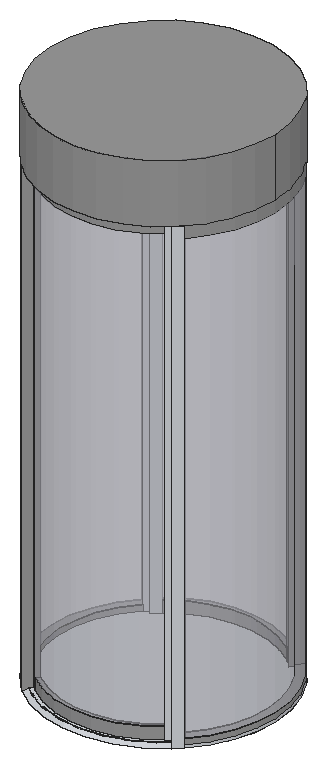
Revit family "C1-R", category Doors, host Wall, Revit 2017
Family settings
  Host = Wall
  OmniClass Number = 23.30.10.00
  OmniClass Title = Doors
  Always vertical = Yes
  Cut with Voids When Loaded = No
  Shared = No
  Room Calculation Point = No
Parameters (values of type "HUC STD")
  Radius4 = Radius - 22.5 mm  # 471.5 mm
  Radius3 = Radius * 0.8855  # 437.437 mm
  Radius2 = Radius * 0.922  # 455.468 mm
  Radius = Width / 2  # 494 mm
  Weekly = "refer to O&M manual"
  WarrantyStartDate [instance] = ""
  WarrantyGuarantorParts = ""
  WarrantyGuarantorLabour = ""
  WarrantyDurationUnit = "N/A"
  WarrantyDurationParts = "N/A"
  WarrantyDurationLabour = "N/A"
  WarrantyDescription = "N/A"
  Warranty ID = ""
  Voltage = "110 - 230 V"
  UsageCurrent = 0
  Unique Reference = ""
  Translucency = 0 mm
  ThermalTransmittanceWinter = 0 mm
  ThermalTransmittanceSummer = 0 mm
  ThermalTransmittance = 0
  Technical Description = ""
  TagNumber [instance] = ""
  SustainabilityPerformance = ""
  Supply Phase = 1
  StartCurrentFactor = 0
  Thickness = Width  # 988 mm
  SolarHeatGainTransmittance = 0 mm
  SmokeStop = no
  Size(HxWxD) = "2312x988x988"
  Shipping Weight = "490 kg (standard version: whole portal assembled, one crate)"
  Shape = "circular"
  ServiceLifeType = ""
  ServiceLifeDuration [instance] = ""
  SerialNumber [instance] = ""
  SelfClosing = yes
  SecurityRating = ""
  Responsible Sourcing of Materials = ""
  Responsible Extraction of Materials = ""
  ReplacementCost = ""
  Reflectivity = 0 mm
  Reference = ""
  Quarterly = ""
  Product Range = "High Security Portals"
  Product Name = ""
  Product Model Number = "C1"
  Product Literature = ""
  Product URL = "https://www.alluserindustrie.com/cylindrical/C2/"
  PhaseReference = ""
  PhaseAngle = 0.00°
  Overall Width = Width  # 988 mm
  Overall Length = Width  # 988 mm
  Overall Height = Height  # 2320 mm
  Operation and Maintenance Manual = ""
  NumberOfPoles = 0
  Number of Poles = 0
  NominalVoltage = 0
  NominalLength = 0 mm
  NominalFrequencyRange = 0
  NominalCurrent = 0
  NominalWidth = ""
  NominalHeight = ""
  Name = ""
  MotorEnclosureType = ""
  Monthly = "refer to O&M manual"
  ModelReference = ""
  ModelNumber = ""
  MaximumPowerOutput = 0
  Material = ""
  Manufacturer Country = "Italy"
  Manufacturer Website = "www.alluserindustrie.com"
  Manufacturer = "Alluser Industrie srl"
  LockedRotorCurrent = 0
  Location of Manufacturer = "Italy"
  Life Cycle Analysis = 0
  IsWired = yes
  IsTempered = no
  IsLaminated = yes
  IsGuarded  = yes
  IsExternal = yes
  IsCoated = yes
  InsulationStandardClass = ""
  Instruction Video = "https://www.youtube.com/watch?v=nNg_blPAJUQ"
  InstallationDate [instance] = ""
  Infiltration = 0
  IP_Code = ""
  HasProtectiveEarth = yes
  HasPartWinding = yes
  HasDrive = yes
  HandicapAccessible = yes
  Gross Weight = "360 kg (with glass P2A UNI EN 356)"
  Green Guide for Specification = ""
  Grade = ""
  GlazingAreaFraction = 0
  GlassThickness3 = 0 mm
  GlassThickness2 = 0 mm
  GlassThickness1 = 11 mm
  GlassLayers = 1
  GlassColour = ""
  Function = Interior
  Frequency = "50-60Hz"
  FrameSize = ""
  FireRating = ""
  FireExit = no
  Finish = ""
  FillGas = ""
  Features = ""
  Feature = "Anti Tailgating High Security portal - Cylindrical Shape"
  ExpectedLife = "Subjected to regular maintenance"
  Expected Life = "Subjected to regular maintenance"
  Environmental Product Declaration = ""
  Energy Technology List = ""
  Enclosure Rating = ""
  Embodied Carbon = ""
  ElectricalDeviceNominalPower = 35
  ElectricMotorEfficiency = 0
  EAN Code = ""
  Duration Unit = ""
  Design Country = "Italy"
  Description = "Anti Tailgating High Security portal - Cylindrical Shape"
  Daily = "refer to O&M manual"
  Analytic Construction = "<Nessuno>"
  Constituents = ""
  Colour = "PPC RAL 30% Gloss"
  CodePerformance = ""
  Category = ""
  CE Approval = yes
  BeamRadiationTransmittance = 0 mm
  Battery Type = "Sealed Lead  Acid Battery 7Ah; 12 V"
  Battery Supply = yes
  BarCode [instance] = ""
  AssetType = "Alluser Antitailgating High Security Portals"
  AssetIdentifier [instance] = "C1R"
  Annually = "refer to O&M manual"
  Rough Height = 2320 mm
  Height = 2320 mm
  Wall Closure = By host
  Width = 988 mm
  AcousticRating = ""
  AccessibilityPerformance = ""
  Access Clearance Bottom = "It is not required"
  Access Clearance Top = "Space above top (internal side) raccomanded 750 mm (min. 350 mm)"
  Access Clearance Right = "It is not required"
  Access Clearance Rear = "It is not required"
  Access Clearance Left = "It is not required"
  Access Clearance Front = "It is not required"
  6 Monthly = "refer to O&M manual"
Types (3, lengths in mm): name | Radius4 | Radius3 | Radius2 | Radius | Voltage | Thickness | SmokeStop | Size(HxWxD) | Shipping Weight | Overall Width | Overall Length | Overall Height | IsTempered | Gross Weight | GlassThickness2 | GlassThickness1 | Expected Life | Enclosure Rating | Rough Height | Height | Width
  HUC STD | 471.5 | 437.437 | 455.468 | 494 | "110 - 230 V" | 988 | no | "2312x988x988" | "490 kg (standard version: whole portal assembled, one crate)" | 988 | 988 | 2320 | no | "360 kg (with glass P2A UNI EN 356)" | 0 | 11 | "Subjected to regular maintenance" | "" | 2320 | 2320 | 988
  HUC 2134 | 553 | 509.605 | 530.611 | 575.5 | "110 - 220 v" | 1151 | yes | "2406x988x988" | "515 kg (standard version: whole portal assembled, one crate)" | 1151 | 1151 | 2406 | yes | "375 kg (with glass P2A UNI EN 356)" | 5 | 5 | "subjected to regular maintenance" | "N/A" | 2406 | 2406 | 1151
  HUC 2300 | 471.5 | 437.437 | 455.468 | 494 | "110 - 220 v" | 988 | yes | "2560x988x988" | "535 kg (standard version: whole portal assembled, one crate)" | 988 | 988 | 2560 | yes | "395 kg (with glass P2A UNI EN 356)" | 0 | 11 | "Subjected to regular maintenance" | "N/A" | 2560 | 2560 | 988
Reference planes
  plane 1: y = 0
  plane 2 "Centro (Sinistra/Destra)": x = 0
  plane 3 "Sinistra": x = -494
  plane 4 "Destra": x = 494
  plane 5: z = 2320
  plane 6 "Esterni": y = 75
  plane 7 "Interno": y = -75
  plane 8: z = 0
  plane 9: z = 2060
  plane 10: z = 62
  plane 11: z = 2010
  plane 12: y = 57.205
  plane 13: y = -57.205
  plane 14: y = 494
  plane 15: y = -494
  plane 16: y = 503
  plane 17: y = -503
  plane 18: through (322.537, 372.669, 1200) normal (0.7561, -0.6544, 0)
  plane 19: through (-332.534, 369.358, 1200) normal (0.7432, 0.6691, 0)
  plane 20: through (-290.872, 293.191, 1200) normal (-0.7432, -0.6691, 0)
  plane 21: through (184.956, 282.468, 1200) normal (-0.7561, 0.6544, 0)
  plane 22: z = 35
  plane 23: z = 12
  plane 24: y = 472
  plane 25: through (356.563, 343.22, 1200) normal (0.7561, -0.6544, 0)
  plane 26: through (-311.074, 375.414, 1200) normal (0.7432, 0.6691, 0)
  plane 27: through (360.784, -333.48, 1200) normal (-0.7432, -0.6691, 0)
  plane 28: through (337.659, 359.58, 1200) normal (0.7561, -0.6544, 0)
  plane 29: through (307.414, 385.757, 1200) normal (0.7561, -0.6544, 0)
  plane 30: through (362.121, -334.966, 1200) normal (-0.7432, -0.6691, 0)
  plane 31: through (-365.977, 339.249, 1200) normal (0.7432, 0.6691, 0)
Forms (mm)
  Extrusion 1, solid, material "Zinco"
    sketch origin (0, 0, 0) x (1, 0, 0) y (0, 1, 0)
      loop
        circle (0, 0) r 494
    from 2060 to 2320
  Extrusion 2, solid, material "Zinco"
    sketch origin (0, 0, 0) x (1, 0, 0) y (0, 1, 0)
      loop
        arc (282.656, 357.151) -> (-4.457, 455.446) -> (-289.591, 351.551) r 455.468
        line (-289.591, 351.551) -> (-277.514, 338.137)
        arc (-277.514, 338.137) -> (-4.28, 437.416) -> (270.844, 343.503) r 437.437
        line (270.844, 343.503) -> (282.656, 357.151)
    from 12 to 62
  Extrusion 3, solid, material "Vetro"
    sketch origin (0, 0, 0) x (1, 0, 0) y (0, 1, 0)
      loop
        arc (282.656, 357.151) -> (-4.457, 455.446) -> (-289.591, 351.551) r 455.468
        line (-289.591, 351.551) -> (-277.514, 338.137)
        arc (-277.514, 338.137) -> (-4.28, 437.416) -> (270.844, 343.503) r 437.437
        line (270.844, 343.503) -> (282.656, 357.151)
    from 62 to 2010
  Extrusion 4, solid
    sketch origin (0, 0, 0) x (1, 0, 0) y (0, 1, 0)
      loop
        arc (282.656, 357.151) -> (-4.457, 455.446) -> (-289.591, 351.551) r 455.468
        line (-289.591, 351.551) -> (-277.514, 338.137)
        arc (-277.514, 338.137) -> (-4.28, 437.416) -> (270.844, 343.503) r 437.437
        line (270.844, 343.503) -> (282.656, 357.151)
    from 2010 to 2060
  Extrusion 5, solid, material "Zinco"
    sketch origin (0, 0, 0) x (1, 0, 0) y (0, 1, 0)
      loop
        arc (312.901, 330.974) -> (298.066, 344.395) -> (282.656, 357.151) r 455.468
        line (282.656, 357.151) -> (270.844, 343.503)
        arc (270.844, 343.503) -> (286.266, 330.761) -> (301.09, 317.327) r 437.437
        line (301.09, 317.327) -> (312.901, 330.974)
    from 12 to 2060
  Extrusion 6, solid, material "Zinco"
    sketch origin (23.368, 27, 0) x (1, 0, 0) y (0, 1, 0)
      loop
        arc (-336.269, -357.975) -> (-321.434, -371.395) -> (-306.024, -384.151) r 455.468
        line (-306.024, -384.151) -> (-294.212, -370.504)
        arc (-294.212, -370.504) -> (-309.634, -357.761) -> (-324.458, -344.327) r 437.437
        line (-324.458, -344.327) -> (-336.269, -357.975)
    from 12 to 2060
  Extrusion 7, solid, material "Zinco"
    sketch origin (0, 0, 0) x (1, 0, 0) y (0, 1, 0)
      loop
        line (-270.844, -343.503) -> (-282.656, -357.151)
        arc (-282.656, -357.151) -> (4.457, -455.446) -> (289.591, -351.551) r 455.468
        line (289.591, -351.551) -> (277.514, -338.137)
        arc (277.514, -338.137) -> (4.28, -437.416) -> (-270.844, -343.503) r 437.437
    from 12 to 62
  Extrusion 8, solid, material "Vetro"
    sketch origin (0, 0, 0) x (1, 0, 0) y (0, 1, 0)
      loop
        arc (277.514, -338.137) -> (4.28, -437.416) -> (-270.844, -343.503) r 437.437
        line (-270.844, -343.503) -> (-282.656, -357.151)
        arc (-282.656, -357.151) -> (4.457, -455.446) -> (289.591, -351.551) r 455.468
        line (289.591, -351.551) -> (277.514, -338.137)
    from 62 to 2010
  Extrusion 9, solid, material "Zinco"
    sketch origin (0, 0, 0) x (1, 0, 0) y (0, 1, 0)
      loop
        arc (276.658, -338.838) -> (3.727, -437.421) -> (-270.844, -343.503) r 437.437
        line (-270.844, -343.503) -> (-282.656, -357.151)
        arc (-282.656, -357.151) -> (4.457, -455.446) -> (289.591, -351.551) r 455.468
        line (289.591, -351.551) -> (276.658, -338.838)
    from 2010 to 2060
  Extrusion 10, solid, material "Zinco"
    sketch origin (0, 0, 0) x (1, 0, 0) y (0, 1, 0)
      loop
        arc (-362.577, 335.521) -> (-493.977, -4.818) -> (-355.964, -342.528) r 494
        line (-355.964, -342.528) -> (-330.634, -313.261)
        arc (-330.634, -313.261) -> (-455.446, -4.442) -> (-336.681, 306.753) r 455.468
        line (-336.681, 306.753) -> (-362.577, 335.521)
    from 12 to 35
  Extrusion 11, solid, material "Zinco"
    sketch origin (0, 0, 0) x (1, 0, 0) y (0, 1, 0)
      loop
        arc (-330.634, -313.261) -> (-455.446, -4.442) -> (-336.681, 306.753) r 455.468
        line (-336.681, 306.753) -> (-362.577, 335.521)
        arc (-362.577, 335.521) -> (-493.977, -4.818) -> (-355.964, -342.528) r 494
        line (-355.964, -342.528) -> (-330.634, -313.261)
    from 2010 to 2060
  Extrusion 12, solid, material "Zinco"
    sketch origin (0, 0, 0) x (1, 0, 0) y (0, 1, 0)
      loop
        arc (-355.964, -342.528) -> (-339.977, -358.402) -> (-323.282, -373.53) r 494
        line (-323.282, -373.53) -> (-298.066, -344.395)
        arc (-298.066, -344.395) -> (-314.735, -329.231) -> (-330.634, -313.261) r 455.468
        line (-330.634, -313.261) -> (-355.964, -342.528)
    from 0 to 2060
  Extrusion 13, solid, material "Zinco"
    sketch origin (0, 0, 0) x (1, 0, 0) y (0, 1, 0)
      loop
        arc (362.599, -335.497) -> (493.976, 4.834) -> (355.964, 342.528) r 494
        line (355.964, 342.528) -> (330.634, 313.261)
        arc (330.634, 313.261) -> (455.446, 4.457) -> (336.701, -306.731) r 455.468
        line (336.701, -306.731) -> (362.599, -335.497)
    from 12 to 35
  Extrusion 14, solid, material "Zinco"
    sketch origin (0, 0, 0) x (1, 0, 0) y (0, 1, 0)
      loop
        arc (355.964, 342.528) -> (339.977, 358.402) -> (323.282, 373.53) r 494
        line (323.282, 373.53) -> (298.066, 344.395)
        arc (298.066, 344.395) -> (314.735, 329.231) -> (330.634, 313.261) r 455.468
        line (330.634, 313.261) -> (355.964, 342.528)
    from 0 to 2060
  Extrusion 15, solid, material "Vetro"
    sketch origin (0, 0, 0) x (1, 0, 0) y (0, 1, 0)
      loop
        arc (362.599, -335.497) -> (493.976, 4.834) -> (355.964, 342.528) r 494
        line (355.964, 342.528) -> (330.634, 313.261)
        arc (330.634, 313.261) -> (455.446, 4.457) -> (336.701, -306.731) r 455.468
        line (336.701, -306.731) -> (362.599, -335.497)
    from 35 to 2010
  Extrusion 16, solid, material "Zinco"
    sketch origin (0, 0, 0) x (1, 0, 0) y (0, 1, 0)
      loop
        arc (362.599, -335.497) -> (493.976, 4.834) -> (355.964, 342.528) r 494
        line (355.964, 342.528) -> (330.634, 313.261)
        arc (330.634, 313.261) -> (455.446, 4.457) -> (336.701, -306.731) r 455.468
        line (336.701, -306.731) -> (362.599, -335.497)
    from 2010 to 2060
  Extrusion 17, solid
    sketch origin (0, 0, 0) x (1, 0, 0) y (0, 1, 0)
      loop
        arc (362.599, -335.497) -> (493.976, 4.834) -> (355.964, 342.528) r 494
        line (355.964, 342.528) -> (341.175, 325.441)
        arc (341.175, 325.441) -> (-4.598, 471.478) -> (-347.458, 318.725) r 471.5
        line (-347.458, 318.725) -> (-362.577, 335.521)
        arc (-362.577, 335.521) -> (-493.977, -4.818) -> (-355.964, -342.528) r 494
        line (-355.964, -342.528) -> (-341.175, -325.441)
        arc (-341.175, -325.441) -> (4.614, -471.477) -> (347.478, -318.702) r 471.5
        line (347.478, -318.702) -> (362.599, -335.497)
    from 0 to 12
  Sweep 18, solid
    path origin (0, 0, 0) x (1, 0, 0) y (0, 1, 0)
      loop
        circle (0, 0) r 494
    profile origin (0, 494, 0) x (0, -1, 0) y (0, 0, 1)
      loop
        line (0, 0) -> (22.5, 0) -> (22.5, 12.422) -> (0, 0)
  Extrusion 19, solid
    sketch origin (0, -1.149, 0) x (1, 0, 0) y (0, 1, 0)
      loop
        arc (-330.53, 368.281) -> (-346.914, 352.841) -> (-362.577, 336.669) r 494
        line (-362.577, 336.669) -> (-336.681, 307.902)
        arc (-336.681, 307.902) -> (-321.107, 324.168) -> (-304.748, 339.645) r 455.468
        line (-304.748, 339.645) -> (-330.53, 368.281)
    from 0 to 2060
  Extrusion 20, solid
    sketch origin (0, 0, 0) x (1, 0, 0) y (0, 1, 0)
      loop
        circle (0, 0) r 471.5
    from 0 to 12
  Extrusion 21, solid
    sketch origin (0, 0, 0) x (1, 0, 0) y (0, 1, 0)
      loop
        arc (289.591, -351.551) -> (304.748, -338.496) -> (319.318, -324.788) r 455.468
        line (319.318, -324.788) -> (307.242, -311.374)
        arc (307.242, -311.374) -> (292.684, -325.096) -> (277.514, -338.137) r 437.437
        line (277.514, -338.137) -> (289.591, -351.551)
    from 12 to 2060
  Extrusion 22, solid
    sketch origin (0, 0, 0) x (1, 0, 0) y (0, 1, 0)
      loop
        arc (330.53, -367.132) -> (346.925, -351.68) -> (362.599, -335.497) r 494
        line (362.599, -335.497) -> (336.701, -306.731)
        arc (336.701, -306.731) -> (321.118, -323.009) -> (304.748, -338.496) r 455.468
        line (304.748, -338.496) -> (330.53, -367.132)
    from 0 to 2060
  Extrusion 23, solid, material "Vetro"
    sketch origin (0, 0, 0) x (1, 0, 0) y (0, 1, 0)
      loop
        arc (-330.634, -313.261) -> (-455.446, -4.442) -> (-336.681, 306.753) r 455.468
        line (-336.681, 306.753) -> (-362.577, 335.521)
        arc (-362.577, 335.521) -> (-493.977, -4.818) -> (-355.964, -342.528) r 494
        line (-355.964, -342.528) -> (-330.634, -313.261)
    from 35 to 2010
  Extrusion 24, solid
    sketch origin (0, 0, 0) x (1, 0, 0) y (0, 1, 0)
      loop
        line (-319.318, 324.788) -> (-307.242, 311.374)
        arc (-307.242, 311.374) -> (-292.684, 325.096) -> (-277.514, 338.137) r 437.437
        line (-277.514, 338.137) -> (-289.591, 351.551)
        arc (-289.591, 351.551) -> (-304.748, 338.496) -> (-319.318, 324.788) r 455.468
    from 12 to 2300
Lines and regions (mm)
  Opening 1
    outline origin (-3138.249, -75, 0) x (1, 0, 0) y (0, 0, 1)
      loop
        line (2644.249, 0) -> (3632.249, 0) -> (3632.249, 2320) -> (2644.249, 2320) -> (2644.249, 0)
  reference lines
    curve 1: circle (0, 0, 0) r 455.468 normal (0, 0, 1)
    curve 2: circle (0, 0, 0) r 437.437 normal (0, 0, 1)
    curve 3: circle (0, 0, 0) r 494 normal (0, 0, 1)
    curve 4: circle (0, 0, 0) r 471.5 normal (0, 0, 1)
Text (mm)
  text "Exterior" at (-2295.016, 1099.543, 0), in view "Ref. Level"
  text "Exterior" at (0, 1615.38, 3698.081), in view "Left"
  text "Exterior" at (0, 1036.032, 3874.932), in view "Right"
Dimensions and locks
  equal spacing: plane 3 "Sinistra", plane 2 "Centro (Sinistra/Destra)", plane 4 "Destra"
  "Width": plane 3 "Sinistra" to plane 4 "Destra"
  "Height": plane 5 to host wall
  host wall to plane 5 = 2320 mm  (x2)
  locked: plane 6 "Esterni" to host wall at 0
  locked: plane 7 "Interno" to host wall
  level to plane 8 = 0 mm  (x2)
  level to plane 9 = 2060 mm
  locked: plane 9 to plane 5 at 260
  level to plane 10 = 62 mm
  plane 11 to plane 9 = 50 mm
  equal spacing: plane 12, host wall, plane 13, locked at 57.205 each
  "Radius": plane 14 to host wall to plane 15
  locked: plane 16 to plane 14 at 9
  locked: plane 15 to plane 17 at 9
  plane 18 to plane 21 = 45 mm
  level to plane 22 = 35 mm
  level to plane 23 = 12 mm
  plane 24 to plane 14 = 22 mm
  plane 18 to Extrusion 6 = 20 mm
  Extrusion 10 to plane 18 = 45 mm
  plane 27 to plane 19 = 45 mm
  plane 19 to plane 31 = 45 mm
  "Radius": radius of Extrusion 1 sketch curve
  "Radius2": radius of curve 1
  "Radius3": radius of curve 2
  "Radius": radius of curve 3
  "Radius4": radius of curve 4
  locked: plane 19 to host wall (angle 48.0032°)
  locked: plane 20 to host wall (angle 48.0032°)
  aligned and locked: plane 3 "Sinistra" to Opening 1 sketch curve
  aligned and locked: plane 5 to Opening 1 sketch curve  (x2)
  aligned and locked: Opening 1 sketch curve to plane 4 "Destra"
  aligned and locked: Opening 1 sketch curve to level
  aligned and locked: plane 1 to host wall
  aligned and locked: Extrusion 1 to host wall
  aligned and locked: Extrusion 1 to plane 9
  aligned and locked: Extrusion 2 sketch curve to curve 1
  aligned and locked: Extrusion 2 sketch curve to curve 2
  aligned and locked: Extrusion 3 sketch curve to Extrusion 2  (x2)
  aligned and locked: plane 10 to Extrusion 3
  aligned and locked: plane 11 to Extrusion 3
  aligned and locked: Extrusion 4 sketch curve to Extrusion 3  (x2)
  aligned and locked: Extrusion 4 to Extrusion 1
  aligned and locked: Extrusion 4 to plane 11
  aligned and locked: Extrusion 5 to Extrusion 1
  aligned and locked: Extrusion 6 to Extrusion 1
  aligned and locked: Extrusion 7 sketch curve to curve 2
  aligned and locked: Extrusion 7 sketch curve to curve 1
  aligned and locked: Extrusion 7 to plane 10
  aligned and locked: plane 11 to Extrusion 8
  aligned and locked: Extrusion 9 to Extrusion 1
  aligned and locked: Extrusion 9 to plane 11
  aligned and locked: Extrusion 10 sketch curve to curve 3
  aligned and locked: Extrusion 10 sketch curve to curve 1
  aligned and locked: Extrusion 10 sketch curve to plane 21
  aligned and locked: Extrusion 10 to plane 22
  aligned and locked: Extrusion 11 to Extrusion 1
  aligned and locked: Extrusion 11 to plane 11
  aligned and locked: Extrusion 12 sketch curve to plane 18
  aligned and locked: Extrusion 12 sketch curve to curve 3
  aligned and locked: Extrusion 12 to Extrusion 1
  aligned and locked: Extrusion 13 sketch curve to curve 3
  aligned and locked: Extrusion 13 sketch curve to curve 1
  aligned and locked: Extrusion 13 to plane 22
  aligned and locked: Extrusion 14 to Extrusion 1
  aligned and locked: Extrusion 15 sketch curve to Extrusion 13  (x2)
  aligned and locked: plane 11 to Extrusion 15
  aligned and locked: plane 22 to Extrusion 15
  aligned and locked: Extrusion 16 sketch curve to Extrusion 15  (x2)
  aligned and locked: Extrusion 16 to Extrusion 1
  aligned and locked: Extrusion 16 to plane 11
  aligned and locked: Extrusion 2 to plane 10
  aligned and locked: Extrusion 13 to plane 23
  aligned and locked: Extrusion 5 to Extrusion 7
  aligned and locked: Extrusion 5 to Extrusion 2
  aligned and locked: Extrusion 2 to Extrusion 6
  aligned and locked: Extrusion 2 to Extrusion 10
  aligned and locked: Extrusion 17 sketch curve to Extrusion 15  (x2)
  aligned and locked: Extrusion 17 to Extrusion 2
  aligned and locked: Extrusion 14 to level
  aligned and locked: Extrusion 12 to level
  aligned and locked: Extrusion 17 sketch curve to curve 4
  aligned and locked: Extrusion 8 sketch curve to Extrusion 7  (x3)
  aligned and locked: Extrusion 3 to Extrusion 8
  aligned and locked: plane 10 to Extrusion 8
  aligned and locked: Sweep 18 sketch curve to curve 3
  aligned and locked: plane 29 to Extrusion 6 sketch curve
  aligned and locked: Extrusion 23 sketch curve to Extrusion 10  (x2)
  aligned and locked: Extrusion 12 to Extrusion 23 sketch curve
  aligned and locked: Extrusion 9 sketch curve to Extrusion 8  (x3)
  aligned and locked: Extrusion 21 to Extrusion 1
  aligned and locked: Extrusion 22 to Extrusion 1
  aligned and locked: Extrusion 23 to Extrusion 3
  aligned and locked: Extrusion 12 to Extrusion 4
  aligned and locked: Extrusion 6 to Extrusion 4
  aligned and locked: Extrusion 3 to Extrusion 15
  aligned and locked: Extrusion 4 to Extrusion 5
  aligned and locked: Extrusion 4 to Extrusion 14
  aligned and locked: Extrusion 19 to Extrusion 1
  aligned and locked: Extrusion 23 to Extrusion 4
  aligned and locked: Sweep 18 sketch curve to curve 4
  aligned and locked: Extrusion 20 sketch curve to Sweep 18  (x2)
  aligned and locked: Extrusion 11 sketch curve to Extrusion 10  (x3)
  aligned and locked: Extrusion 11 sketch curve to Extrusion 23
  aligned and locked: Extrusion 19 sketch curve to curve 3
  aligned and locked: Extrusion 19 sketch curve to curve 1
  aligned and locked: Extrusion 19 sketch curve to plane 19
  aligned and locked: Extrusion 19 sketch curve to Extrusion 10
  aligned and locked: Extrusion 12 sketch curve to curve 1
  aligned and locked: Extrusion 6 sketch curve to Extrusion 12
  aligned and locked: Extrusion 6 sketch curve to curve 2
  aligned and locked: Extrusion 21 sketch curve to curve 1
  aligned and locked: Extrusion 21 sketch curve to curve 2
  aligned and locked: Extrusion 21 sketch curve to Extrusion 8
  aligned and locked: Extrusion 21 sketch curve to plane 26
  aligned and locked: Extrusion 22 sketch curve to curve 3
  aligned and locked: Extrusion 22 sketch curve to curve 1
  aligned and locked: Extrusion 22 sketch curve to plane 19
  aligned and locked: Extrusion 22 sketch curve to Extrusion 15
  aligned and locked: Extrusion 14 sketch curve to curve 3
  aligned and locked: Extrusion 14 sketch curve to curve 1
  aligned and locked: Extrusion 14 sketch curve to Extrusion 13
  aligned and locked: plane 18 to Extrusion 14 sketch curve
  aligned and locked: Extrusion 5 sketch curve to curve 1
  aligned and locked: Extrusion 5 sketch curve to curve 2
  aligned and locked: Extrusion 5 sketch curve to plane 28
  aligned and locked: Extrusion 5 sketch curve to plane 29
  aligned and locked: Extrusion 3 sketch curve to Extrusion 5
  aligned and locked: Extrusion 17 sketch curve to Extrusion 23
  aligned and locked: Extrusion 17 sketch curve to Extrusion 20
  aligned and locked: Extrusion 23 sketch curve to Extrusion 19
  aligned and locked: Extrusion 23 to Extrusion 17 sketch curve
  aligned and locked: Extrusion 24 sketch curve to Extrusion 3
Automatic sketch dimensions
  host wall to Extrusion 1 sketch curve = 0 mm
  Extrusion 1 sketch curve to plane 2 "Centro (Sinistra/Destra)" = 0 mm
  Extrusion 10 sketch curve to plane 19 = 44.971 mm
  Extrusion 10 sketch curve to plane 19 = 44.968 mm
  curve 1 to curve 3 = 0 mm  (x2)
  curve 1 to curve 4 = 0 mm  (x2)
  curve 2 to curve 4 = 0 mm  (x2)
  host wall to curve 2 = 0 mm
  curve 2 to plane 2 "Centro (Sinistra/Destra)" = 0 mm
  Extrusion 12 sketch curve to plane 21 = 0 mm  (x3)
  plane 30 to Extrusion 16 sketch curve = 0 mm  (x2)
  plane 30 to Extrusion 15 sketch curve = 0 mm  (x2)
  plane 25 to Extrusion 16 sketch curve = 0 mm  (x2)
  plane 25 to Extrusion 13 sketch curve = 0 mm  (x2)
  plane 30 to Extrusion 13 sketch curve = 0 mm  (x2)
  plane 28 to Extrusion 7 sketch curve = 0 mm  (x2)
  plane 20 to Extrusion 7 sketch curve = 0 mm
  Extrusion 7 sketch curve to plane 20 = 0 mm
  plane 29 to Extrusion 2 sketch curve = 0 mm  (x2)
  plane 29 to Extrusion 4 sketch curve = 0 mm  (x2)
  plane 25 to Extrusion 15 sketch curve = 0 mm  (x2)
  Extrusion 9 sketch curve to plane 20 = 1.105 mm
  plane 20 to Extrusion 9 sketch curve = 0 mm
  plane 27 to Extrusion 17 sketch curve = 0 mm  (x2)
  Sweep 18 sketch curve to profile plane = 0 mm
  Sweep 18 sketch curve to profile plane = 22.5 mm
  Sweep 18 sketch curve to Sweep 18 sketch curve = 12.422 mm
  plane 18 to Extrusion 6 sketch curve = 20 mm
  plane 28 to Extrusion 6 sketch curve = 0 mm  (x2)
  plane 28 to Extrusion 8 sketch curve = 0 mm  (x2)
  Extrusion 21 sketch curve to plane 26 = 0 mm  (x2)
  plane 27 to Extrusion 22 sketch curve = 0 mm  (x2)
  plane 28 to Extrusion 5 sketch curve = 0 mm
  Extrusion 17 sketch curve to plane 21 = 0 mm  (x2)
  Extrusion 2 sketch curve to plane 26 = 0 mm  (x2)
  Extrusion 3 sketch curve to plane 26 = 0 mm  (x2)
  Extrusion 4 sketch curve to plane 26 = 0 mm  (x2)
  Extrusion 24 sketch curve to Extrusion 24 sketch curve = 0 mm  (x2)
  plane 20 to Extrusion 24 sketch curve = 0 mm  (x2)
  host wall to Extrusion 24 sketch curve = 0 mm
  Extrusion 24 sketch curve to plane 2 "Centro (Sinistra/Destra)" = 0 mm
  Extrusion 24 sketch curve to plane 24 = 133.863 mm
  Extrusion 24 sketch curve to plane 24 = 120.449 mm
Nested families
  nested 1: "C1-Top-View" at (0, 0, 0), type "C1-Top-View"
Definition of nested family "C1-Top-View"
  Reference planes
    plane 1 "Centro (Fronte/Retro)": y = 0
    plane 2: z = 0
    plane 3 "Centro (Sinistra/Destra)": x = 0
